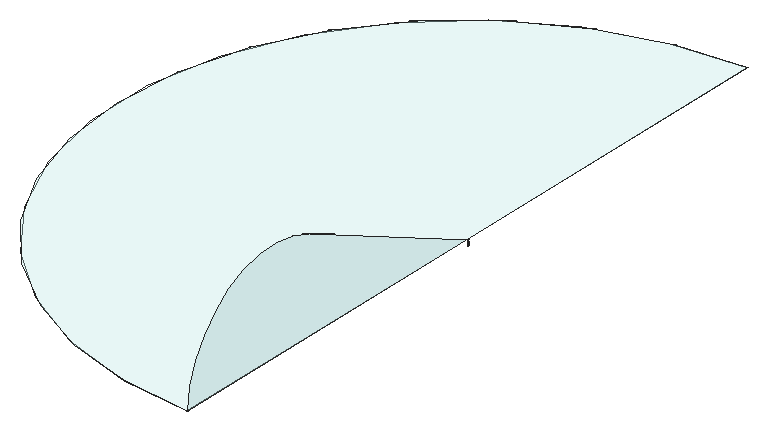
Revit family "Rotor 8005 Series - 8005SS", category Acessórios do tubo, Revit 2020
Family settings
  Cota do conector redondo = Utilizar diâmetro
  Tipo de parte = Normal
  Número OmniClass = 23.60.30.11.14
  Título OmniClass = Pipework Fittings
  Com base no plano de trabalho = Não
  Sempre na vertical = Sim
  Corte com vazios quando carregada = Não
  Compartilhado = Não
Parameters (values of type "Nozzle 20")
  Water = Water
  URL = "https://www.rainbird.com/"
  TABLE 90 = "TABLE 90psi"
  TABLE 80 = "TABLE 80psi"
  TABLE 70 = "TABLE 70psi"
  TABLE 60 = "TABLE 60psi"
  TABLE 50 = "TABLE 50psi"
  TABLE 100 = "TABLE 100psi"
  SupportProjetos: Reviw Date = ""  # constant formula
  SupportProjetos: Reviw = "R00"  # constant formula
  SupportProjetos: Level of Detail = "LOD 300"  # constant formula
  SupportProjetos: Developed = "MICHEL SOARES MOTA"  # constant formula
  SupportProjetos: Creation Date = "12/08/2020"  # constant formula
  Side inlet = no
  Rotation Water Visibility [instance] = Pop up on  # yes
  Rotation Angle [instance] = 180.00°
  RainBird: Product Link = "https://www.rainbird.com/"
  RainBird: Description = "8005-SS Rotor "  # constant formula
  RainBird: Comment [instance] = ""
  RainBird: Code = "B81300"  # constant formula
  Radius [instance] = if(and(Pressure = 50.0 psi, Instance < 13 ft), size_lookup(TABLE 50, "Radius", 0 ft, Instance), if(and(Pressure = 60.0 psi, Instance < 13 ft), size_lookup(TABLE 60, "Radius", 0 ft, Instance), if(and(Pressure = 70.0 psi, Instance < 13 ft), size_lookup(TABLE 70, "Radius", 0 ft, Instance), if(and(Pressure = 80.0 psi, Instance < 13 ft), size_lookup(TABLE 80, "Radius", 0 ft, Instance), if(and(Pressure = 90.0 psi, Instance > 4 ft), size_lookup(TABLE 90, "Radius", 0 ft, Instance), if(and(Pressure = 100.0 psi, Instance > 8 ft), size_lookup(TABLE 100, "Radius", 0 ft, Instance), 600 ft))))))  # 73 ft
  RT = 0.009893 ft
  RN = 0.032808 ft
  R5 = 0.03937 ft
  R4 = 0.04101 ft
  R3 = 0.065617 ft
  R2 = 0.075407 ft
  R1 = 0.032808 ft
  Pressure [instance] = 90.0 psi
  Pop up height = 0.417 ft  # constant formula
  Pop up on [instance] = yes
  Modelo = "8005SS"  # constant formula
  Instance = 9 ft
  H1 = Body height / 3  # 0.240667 ft
  Flow [instance] = if(and(Pressure = 50.0 psi, Instance < 13 ft), size_lookup(TABLE 50, "Flow", 0.0 GPM, Instance), if(and(Pressure = 60.0 psi, Instance < 13 ft), size_lookup(TABLE 60, "Flow", 0.0 GPM, Instance), if(and(Pressure = 70.0 psi, Instance < 13 ft), size_lookup(TABLE 70, "Flow", 0.0 GPM, Instance), if(and(Pressure = 80.0 psi, Instance < 13 ft), size_lookup(TABLE 80, "Flow", 0.0 GPM, Instance), if(and(Pressure = 90.0 psi, Instance > 4 ft), size_lookup(TABLE 90, "Flow", 0.0 GPM, Instance), if(and(Pressure = 100.0 psi, Instance > 8 ft), size_lookup(TABLE 100, "Flow", 0.0 GPM, Instance), 600.0 GPM))))))  # 25.3 GPM
  Fabricante = "Rain Bird"
  Elevação padrão = 0 ft
  Description = RainBird: Description  # "8005-SS Rotor "
  DD13 = 0.002625 ft
  DD12 = 0.003937 ft
  DD11 = 0.009897 ft
  DD10 = 0.016404 ft
  DD8 [instance] = if(Pop up on, Pop up height, 0 ft)  # 0.417 ft
  DD7 = 0.019685 ft
  DD6 [instance] = 0.016404 ft
  DD5 = 0.065617 ft
  DD4 = 0.032808 ft
  DD3 = 0.091048 ft
  DD2 [instance] = 0.024514 ft
  DD9 [instance] = if(Pop up on, Pop up height + 0.049541 ft, 0 ft)  # 0.466541 ft
  DD1 = 0.006562 ft
  Conection = 0.062664 ft  # constant formula
  Body height = 0.722 ft  # constant formula
  Blue = Blue Plastic
  Black Plastic = Black Plastic
  Angle = 25.00°
Types (13, lengths in ft): name | Radius | Pressure | Instance | Flow
  (no name) | 73 | 90.0 psi | 9 | 25.3 GPM
  Nozzle 4 | 39 | 80.0 psi | 1 | 5.0 GPM
  Nozzle 6 | 45 | 80.0 psi | 2 | 7.1 GPM
  Nozzle 8 | 49 | 80.0 psi | 3 | 9.8 GPM
  Nozzle 10 | 55 | 80.0 psi | 4 | 11.8 GPM
  Nozzle 12 | 61 | 80.0 psi | 5 | 14.2 GPM
  Tipo 14 | 63 | 80.0 psi | 6 | 16.4 GPM
  Nozzle 16 | 67 | 80.0 psi | 7 | 18.6 GPM
  Nozzle 18 | 71 | 90.0 psi | 8 | 22.2 GPM
  Nozzle 20 | 73 | 90.0 psi | 9 | 25.3 GPM
  Nozzle 22 | 75 | 90.0 psi | 10 | 29.1 GPM
  Nozzle 24 | 79 | 90.0 psi | 11 | 31.0 GPM
  Nozzle 26 | 79 | 90.0 psi | 12 | 33.7 GPM
Reference planes (ft)
  plane 1 "Centro (Frente/Trás)": y = 0
  plane 2: z = 0
  plane 3 "Centro (Esquerda/Direita)": x = 0
  plane 4: z = 0.003937
  plane 5: z = 0.002625
  plane 6: y = -0.065617
Forms (ft)
  Revolve 1, solid, material "Black Plastic" <- "Black Plastic"
    sketch origin (0, 0, 0) x (1, 0, 0) y (0, 0, 1)
      loop
        line (0.075407, -0.091048) -> (0.075407, -0.035324)
        arc (0.075407, -0.035324) -> (0.072509, -0.028329) -> (0.065514, -0.025431) r 0.009893
        line (0.065514, -0.025431) -> (0.046098, -0.025431) -> (0.046098, 0) -> (0.03937, 0) -> (0.03937, -0.417) -> (0.019685, -0.417) -> (0.019685, -0.715438) -> (0.032808, -0.715438) -> (0.032808, -0.722) -> (0.04101, -0.722) -> (0.04101, -0.715438) -> (0.055724, -0.715438)
        arc (0.055724, -0.715438) -> (0.062719, -0.712541) -> (0.065617, -0.705545) r 0.009893
        line (0.065617, -0.705545) -> (0.065617, -0.091048) -> (0.075407, -0.091048)
      axis (0, -0.722) -> (0, 0)
    angle from 0 to 360
  Extrusion 2, solid, material "Black Plastic" <- "Black Plastic"
    sketch origin (0, 0, 0) x (1, 0, 0) y (0, 1, 0)
      loop
        circle (0, 0) r 0.032808
    from -0.417 to 0.417
  Extrusion 3, void
    sketch origin (0, 0, 0) x (1, 0, 0) y (0, 1, 0)
      loop
        circle (0, 0) r 0.022844
    from -0.417 to 0.417
  Revolve 4, solid, material "Black Plastic" <- "Black Plastic"
    sketch origin (0, 0, 0) x (1, 0, 0) y (0, 0, 1)
      loop
        line (0, 0.417) -> (0.037004, 0.417) -> (0.037004, 0.426897)
        arc (0.037004, 0.426897) -> (0.01879, 0.43179) -> (0, 0.433404) r 0.10685
        line (0, 0.433404) -> (0, 0.417)
      axis (0, 0.417) -> (0, 0.433404)
    angle from 0 to 360
  Extrusion 5, solid, material "Blue Plastic" <- "Blue"
    sketch origin (0, 0, 0) x (1, 0, 0) y (0, 0, 1)
      loop
        circle (0, 0.392486) r 0.009129
      loop
        circle (0, 0.392486) r 0.004793
    from 0 to 0.034386
  Extrusion 6, void
    sketch origin (0, 0, 0) x (1, 0, 0) y (0, 0, 1)
      loop
        line (-0.02074, 0.328055) -> (-0.02074, 0.282426) -> (0.020672, 0.282426) -> (0.020672, 0.328055) -> (-0.02074, 0.328055)
      loop
        line (-0.018439, 0.325179) -> (-0.018439, 0.285685) -> (0.018179, 0.285685) -> (0.018179, 0.325179) -> (-0.018439, 0.325179)
    from 0.024556 to 0.06931
  Extrusion 7, solid, material "Black Plastic" <- "Black Plastic"
    sketch origin (0, 0, 0) x (1, 0, 0) y (0, 0, 1)
      loop
        line (0.046098, 0) -> (0.046098, -0.036876) -> (0.073493, -0.036876) -> (0.046098, 0)
    from -0.002998 to 0.002998
  Extrusion 8, solid, material "Black Plastic" <- "Black Plastic"
    sketch origin (0, 0, 0) x (-1, 0, 0) y (0, 0, -1)
      loop
        line (0.046098, 0) -> (0.073493, 0.036876) -> (0.046098, 0.036876) -> (0.046098, 0)
    from -0.002998 to 0.002998
  Extrusion 9, solid, material "Black Plastic" <- "Black Plastic"
    sketch origin (0, 0, 0) x (0.866025, 0.5, 0) y (0, 0, 1)
      loop
        line (0.046098, 0) -> (0.046098, -0.036876) -> (0.073493, -0.036876) -> (0.046098, 0)
    from -0.002998 to 0.002998
  Extrusion 10, solid, material "Black Plastic" <- "Black Plastic"
    sketch origin (0, 0, 0) x (-0.866025, -0.5, 0) y (0, 0, -1)
      loop
        line (0.046098, 0) -> (0.073493, 0.036876) -> (0.046098, 0.036876) -> (0.046098, 0)
    from -0.002998 to 0.002998
  Extrusion 11, solid, material "Black Plastic" <- "Black Plastic"
    sketch origin (0, 0, 0) x (0, 1, 0) y (0, 0, 1)
      loop
        line (0.046098, 0) -> (0.046098, -0.036876) -> (0.073493, -0.036876) -> (0.046098, 0)
    from -0.002998 to 0.002998
  Extrusion 12, solid, material "Black Plastic" <- "Black Plastic"
    sketch origin (0, 0, 0) x (0, -1, 0) y (0, 0, -1)
      loop
        line (0.046098, 0) -> (0.073493, 0.036876) -> (0.046098, 0.036876) -> (0.046098, 0)
    from -0.002998 to 0.002998
  Extrusion 13, solid, material "Black Plastic" <- "Black Plastic"
    sketch origin (0, 0, 0) x (0.5, 0.866025, 0) y (0, 0, 1)
      loop
        line (0.046098, 0) -> (0.046098, -0.036876) -> (0.073493, -0.036876) -> (0.046098, 0)
    from -0.002998 to 0.002998
  Extrusion 14, solid, material "Black Plastic" <- "Black Plastic"
    sketch origin (0, 0, 0) x (-0.5, -0.866025, 0) y (0, 0, -1)
      loop
        line (0.046098, 0) -> (0.073493, 0.036876) -> (0.046098, 0.036876) -> (0.046098, 0)
    from -0.002998 to 0.002998
  Extrusion 15, solid, material "Black Plastic" <- "Black Plastic"
    sketch origin (0, 0, 0) x (-0.5, 0.866025, 0) y (0, 0, 1)
      loop
        line (0.046098, 0) -> (0.046098, -0.036876) -> (0.073493, -0.036876) -> (0.046098, 0)
    from -0.002998 to 0.002998
  Extrusion 16, solid, material "Black Plastic" <- "Black Plastic"
    sketch origin (0, 0, 0) x (0.5, -0.866025, 0) y (0, 0, -1)
      loop
        line (0.046098, 0) -> (0.073493, 0.036876) -> (0.046098, 0.036876) -> (0.046098, 0)
    from -0.002998 to 0.002998
  Extrusion 17, solid, material "Black Plastic" <- "Black Plastic"
    sketch origin (0, 0, 0) x (-0.866025, 0.5, 0) y (0, 0, 1)
      loop
        line (0.046098, 0) -> (0.046098, -0.036876) -> (0.073493, -0.036876) -> (0.046098, 0)
    from -0.002998 to 0.002998
  Extrusion 18, solid, material "Black Plastic" <- "Black Plastic"
    sketch origin (0, 0, 0) x (0.866025, -0.5, 0) y (0, 0, -1)
      loop
        line (0.046098, 0) -> (0.073493, 0.036876) -> (0.046098, 0.036876) -> (0.046098, 0)
    from -0.002998 to 0.002998
  Extrusion 19, void
    sketch origin (0, 0, 0) x (1, 0, 0) y (0, 1, 0)
      loop
        line (-0.002998, 0.077702) -> (-0.002998, 0.071655) -> (0.002998, 0.071655) -> (0.002998, 0.077702) -> (-0.002998, 0.077702)
    from -0.091048 to 0.82021
  Extrusion 20, void
    sketch origin (0, 0, 0) x (1, 0, 0) y (0, 1, 0)
      loop
        line (0.002998, -0.077702) -> (0.002998, -0.071655) -> (-0.002998, -0.071655) -> (-0.002998, -0.077702) -> (0.002998, -0.077702)
    from -0.091048 to 0.82021
  Extrusion 21, void
    sketch origin (0, 0, 0) x (0.965926, 0.258819, 0) y (-0.258819, 0.965926, 0)
      loop
        line (-0.002998, 0.077702) -> (-0.002998, 0.071655) -> (0.002998, 0.071655) -> (0.002998, 0.077702) -> (-0.002998, 0.077702)
    from -0.091048 to 0.82021
  Extrusion 22, void
    sketch origin (0, 0, 0) x (0.965926, 0.258819, 0) y (-0.258819, 0.965926, 0)
      loop
        line (0.002998, -0.077702) -> (0.002998, -0.071655) -> (-0.002998, -0.071655) -> (-0.002998, -0.077702) -> (0.002998, -0.077702)
    from -0.091048 to 0.82021
  Extrusion 23, void
    sketch origin (0, 0, 0) x (0.866025, 0.5, 0) y (-0.5, 0.866025, 0)
      loop
        line (-0.002998, 0.077702) -> (-0.002998, 0.071655) -> (0.002998, 0.071655) -> (0.002998, 0.077702) -> (-0.002998, 0.077702)
    from -0.091048 to 0.82021
  Extrusion 24, void
    sketch origin (0, 0, 0) x (0.866025, 0.5, 0) y (-0.5, 0.866025, 0)
      loop
        line (0.002998, -0.077702) -> (0.002998, -0.071655) -> (-0.002998, -0.071655) -> (-0.002998, -0.077702) -> (0.002998, -0.077702)
    from -0.091048 to 0.82021
  Extrusion 25, void
    sketch origin (0, 0, 0) x (0.5, 0.866025, 0) y (-0.866025, 0.5, 0)
      loop
        line (-0.002998, 0.077702) -> (-0.002998, 0.071655) -> (0.002998, 0.071655) -> (0.002998, 0.077702) -> (-0.002998, 0.077702)
    from -0.091048 to 0.82021
  Extrusion 26, void
    sketch origin (0, 0, 0) x (0.5, 0.866025, 0) y (-0.866025, 0.5, 0)
      loop
        line (0.002998, -0.077702) -> (0.002998, -0.071655) -> (-0.002998, -0.071655) -> (-0.002998, -0.077702) -> (0.002998, -0.077702)
    from -0.091048 to 0.82021
  Extrusion 27, void
    sketch origin (0, 0, 0) x (0.707107, 0.707107, 0) y (-0.707107, 0.707107, 0)
      loop
        line (-0.002998, 0.077702) -> (-0.002998, 0.071655) -> (0.002998, 0.071655) -> (0.002998, 0.077702) -> (-0.002998, 0.077702)
    from -0.091048 to 0.82021
  Extrusion 28, void
    sketch origin (0, 0, 0) x (0.707107, 0.707107, 0) y (-0.707107, 0.707107, 0)
      loop
        line (0.002998, -0.077702) -> (0.002998, -0.071655) -> (-0.002998, -0.071655) -> (-0.002998, -0.077702) -> (0.002998, -0.077702)
    from -0.091048 to 0.82021
  Extrusion 29, void
    sketch origin (0, 0, 0) x (0.258819, 0.965926, 0) y (-0.965926, 0.258819, 0)
      loop
        line (-0.002998, 0.077702) -> (-0.002998, 0.071655) -> (0.002998, 0.071655) -> (0.002998, 0.077702) -> (-0.002998, 0.077702)
    from -0.091048 to 0.82021
  Extrusion 30, void
    sketch origin (0, 0, 0) x (0.258819, 0.965926, 0) y (-0.965926, 0.258819, 0)
      loop
        line (0.002998, -0.077702) -> (0.002998, -0.071655) -> (-0.002998, -0.071655) -> (-0.002998, -0.077702) -> (0.002998, -0.077702)
    from -0.091048 to 0.82021
  Extrusion 31, void
    sketch origin (0, 0, 0) x (0, 1, 0) y (-1, 0, 0)
      loop
        line (-0.002998, 0.077702) -> (-0.002998, 0.071655) -> (0.002998, 0.071655) -> (0.002998, 0.077702) -> (-0.002998, 0.077702)
    from -0.091048 to 0.82021
  Extrusion 32, void
    sketch origin (0, 0, 0) x (0, 1, 0) y (-1, 0, 0)
      loop
        line (0.002998, -0.077702) -> (0.002998, -0.071655) -> (-0.002998, -0.071655) -> (-0.002998, -0.077702) -> (0.002998, -0.077702)
    from -0.091048 to 0.82021
  Extrusion 33, void
    sketch origin (0, 0, 0) x (-0.258819, 0.965926, 0) y (-0.965926, -0.258819, 0)
      loop
        line (-0.002998, 0.077702) -> (-0.002998, 0.071655) -> (0.002998, 0.071655) -> (0.002998, 0.077702) -> (-0.002998, 0.077702)
    from -0.091048 to 0.82021
  Extrusion 34, void
    sketch origin (0, 0, 0) x (-0.258819, 0.965926, 0) y (-0.965926, -0.258819, 0)
      loop
        line (0.002998, -0.077702) -> (0.002998, -0.071655) -> (-0.002998, -0.071655) -> (-0.002998, -0.077702) -> (0.002998, -0.077702)
    from -0.091048 to 0.82021
  Extrusion 35, void
    sketch origin (0, 0, 0) x (-0.5, 0.866025, 0) y (-0.866025, -0.5, 0)
      loop
        line (-0.002998, 0.077702) -> (-0.002998, 0.071655) -> (0.002998, 0.071655) -> (0.002998, 0.077702) -> (-0.002998, 0.077702)
    from -0.091048 to 0.82021
  Extrusion 36, void
    sketch origin (0, 0, 0) x (-0.5, 0.866025, 0) y (-0.866025, -0.5, 0)
      loop
        line (0.002998, -0.077702) -> (0.002998, -0.071655) -> (-0.002998, -0.071655) -> (-0.002998, -0.077702) -> (0.002998, -0.077702)
    from -0.091048 to 0.82021
  Extrusion 37, void
    sketch origin (0, 0, 0) x (-0.707107, 0.707107, 0) y (-0.707107, -0.707107, 0)
      loop
        line (-0.002998, 0.077702) -> (-0.002998, 0.071655) -> (0.002998, 0.071655) -> (0.002998, 0.077702) -> (-0.002998, 0.077702)
    from -0.091048 to 0.82021
  Extrusion 38, void
    sketch origin (0, 0, 0) x (-0.707107, 0.707107, 0) y (-0.707107, -0.707107, 0)
      loop
        line (0.002998, -0.077702) -> (0.002998, -0.071655) -> (-0.002998, -0.071655) -> (-0.002998, -0.077702) -> (0.002998, -0.077702)
    from -0.091048 to 0.82021
  Extrusion 39, void
    sketch origin (0, 0, 0) x (-0.866025, 0.5, 0) y (-0.5, -0.866025, 0)
      loop
        line (-0.002998, 0.077702) -> (-0.002998, 0.071655) -> (0.002998, 0.071655) -> (0.002998, 0.077702) -> (-0.002998, 0.077702)
    from -0.091048 to 0.82021
  Extrusion 40, void
    sketch origin (0, 0, 0) x (-0.866025, 0.5, 0) y (-0.5, -0.866025, 0)
      loop
        line (0.002998, -0.077702) -> (0.002998, -0.071655) -> (-0.002998, -0.071655) -> (-0.002998, -0.077702) -> (0.002998, -0.077702)
    from -0.091048 to 0.82021
  Extrusion 41, void
    sketch origin (0, 0, 0) x (-0.965926, 0.258819, 0) y (-0.258819, -0.965926, 0)
      loop
        line (-0.002998, 0.077702) -> (-0.002998, 0.071655) -> (0.002998, 0.071655) -> (0.002998, 0.077702) -> (-0.002998, 0.077702)
    from -0.091048 to 0.82021
  Extrusion 42, void
    sketch origin (0, 0, 0) x (-0.965926, 0.258819, 0) y (-0.258819, -0.965926, 0)
      loop
        line (0.002998, -0.077702) -> (0.002998, -0.071655) -> (-0.002998, -0.071655) -> (-0.002998, -0.077702) -> (0.002998, -0.077702)
    from -0.091048 to 0.82021
  Extrusion 43, solid, material "Water" <- "Water", visible <- "Rotation Water Visibility"
    sketch origin (0, 0, 0) x (0, 1, 0) y (0, 0, 1)
      loop
        line (-0.032808, 0.392486) -> (-41.314762, 19.642577)
        arc (-41.314762, 19.642577) -> (-62.318922, 18.495086) -> (-73.032808, 0.392486) r 22.310372
        line (-73.032808, 0.392486) -> (-0.032808, 0.392486)
    from -0.008202 to 0.008202
Cuts and joins
  Extrusion 3, Extrusion 6 cuts Extrusion 2
  Extrusion 19, Extrusion 20, Extrusion 21, Extrusion 22, Extrusion 23, Extrusion 24, Extrusion 25, Extrusion 26, Extrusion 27, Extrusion 28, Extrusion 29, Extrusion 30, Extrusion 31, Extrusion 32, Extrusion 33, Extrusion 34, Extrusion 35, Extrusion 36, Extrusion 37, Extrusion 38, Extrusion 39, Extrusion 40, Extrusion 41, Extrusion 42 cuts Revolve 1
Dimensions and locks (ft)
  "Body height": level to Revolve 1 sketch curve
  "R2": Revolve 1 sketch curve to plane 3 "Centro (Esquerda/Direita)"
  "DD1": Revolve 1 sketch curve to Revolve 1 sketch curve
  "DD3": level to Revolve 1 sketch curve
  Revolve 1 sketch curve to plane 3 "Centro (Esquerda/Direita)" = 0.065617 ft
  "R4": Revolve 1 sketch curve to plane 3 "Centro (Esquerda/Direita)"
  "RN": Revolve 1 sketch curve to plane 3 "Centro (Esquerda/Direita)"
  "Pop up height": level to Revolve 1 sketch curve
  "R5": plane 3 "Centro (Esquerda/Direita)" to Revolve 1 sketch curve
  "DD7": Revolve 1 sketch curve to plane 3 "Centro (Esquerda/Direita)"
  "DD8": Extrusion 2 to level
  "DD12": plane 4 to level
  "DD13": plane 5 to level
  "R3": plane 6 to plane 1 "Centro (Frente/Trás)"
  "DD5": Revolve 1 sketch curve to Revolve 1 sketch curve
  "DD10": Revolve 4 sketch curve to Revolve 4 sketch curve
  "DD11": Revolve 4 sketch curve to Revolve 4 sketch curve
  "DD2": Revolve 4 to Extrusion 5 sketch curve  (x2)
  Extrusion 7 to plane 3 "Centro (Esquerda/Direita)" = 0.046098 ft
  equal spacing: Extrusion 7, plane 1 "Centro (Frente/Trás)", Extrusion 7
  Extrusion 8 to Extrusion 8 = 0.005995 ft
  Extrusion 9 to Extrusion 9 = 0.005995 ft
  Extrusion 20 sketch curve to Extrusion 20 sketch curve = 0.005995 ft
  Extrusion 22 sketch curve to Extrusion 22 sketch curve = 0.005995 ft
  Extrusion 24 sketch curve to Extrusion 24 sketch curve = 0.005995 ft
  Extrusion 26 sketch curve to Extrusion 26 sketch curve = 0.005995 ft
  Extrusion 28 sketch curve to Extrusion 28 sketch curve = 0.005995 ft
  Extrusion 30 sketch curve to Extrusion 30 sketch curve = 0.005995 ft
  Extrusion 32 sketch curve to Extrusion 32 sketch curve = 0.005995 ft
  Extrusion 34 sketch curve to Extrusion 34 sketch curve = 0.005995 ft
  Extrusion 36 sketch curve to Extrusion 36 sketch curve = 0.005995 ft
  Extrusion 38 sketch curve to Extrusion 38 sketch curve = 0.005995 ft
  Extrusion 40 sketch curve to Extrusion 40 sketch curve = 0.005995 ft
  Extrusion 42 sketch curve to Extrusion 42 sketch curve = 0.005995 ft
  "DD4": plane 1 "Centro (Frente/Trás)" to Extrusion 43 sketch curve
  "DD2": Revolve 4 to Extrusion 43 sketch curve
  "Radius": Extrusion 43 sketch curve to Extrusion 43 sketch curve
  equal spacing: Extrusion 43, plane 3 "Centro (Esquerda/Direita)", Extrusion 43
  "DD6": Extrusion 43 to Extrusion 43
  "DD2": Revolve 4 to nested 1
  "RT": radius of Revolve 1 sketch curve  (x2)
  "R1": radius of Extrusion 2 sketch curve
  "Angle": angle Extrusion 43 sketch curve to Extrusion 43 sketch curve
  aligned and locked: level to plane 2
  aligned and locked: Revolve 1 sketch curve to Revolve 1 sketch curve
  aligned and locked: Extrusion 2 to Revolve 1
  aligned and locked: cut or joined group of Extrusion 2, Extrusion 3, Extrusion 6 to cut or joined group of Extrusion 2, Extrusion 3, Extrusion 6  (x2)
  aligned and locked: Revolve 4 sketch curve to cut or joined group of Extrusion 2, Extrusion 3, Extrusion 6
  aligned and locked: Extrusion 20 to Revolve 1
  aligned and locked: Extrusion 22 to Revolve 1
  aligned and locked: Extrusion 24 to Revolve 1
  aligned and locked: Extrusion 28 to Revolve 1
  aligned and locked: Extrusion 26 to Revolve 1
  aligned and locked: Extrusion 30 to Revolve 1
  aligned and locked: Extrusion 32 to Revolve 1
  aligned and locked: Extrusion 34 to Revolve 1
  aligned and locked: Revolve 1 to Extrusion 36
  aligned and locked: Revolve 1 to Extrusion 38
  aligned and locked: Extrusion 41 to Revolve 1
  aligned and locked: Extrusion 39 to Revolve 1
  aligned and locked: Extrusion 37 to Revolve 1
  aligned and locked: Extrusion 35 to Revolve 1
  aligned and locked: Extrusion 33 to Revolve 1
  aligned and locked: Extrusion 31 to Revolve 1
  aligned and locked: Extrusion 29 to Revolve 1
  aligned and locked: Revolve 1 to Extrusion 25
  aligned and locked: Revolve 1 to Extrusion 27
  aligned and locked: Revolve 1 to Extrusion 19
  aligned and locked: Revolve 1 to Extrusion 21
  aligned and locked: Revolve 1 to Extrusion 42
  aligned and locked: Revolve 1 to Extrusion 40
  aligned and locked: Revolve 1 to Extrusion 23
Automatic sketch dimensions
  plane 1 "Centro (Frente/Trás)" to Extrusion 2 sketch curve = 0 ft
  Extrusion 2 sketch curve to plane 3 "Centro (Esquerda/Direita)" = 0 ft
  plane 1 "Centro (Frente/Trás)" to Extrusion 3 sketch curve = 0 ft
  Extrusion 3 sketch curve to plane 3 "Centro (Esquerda/Direita)" = 0 ft
  Revolve 4 sketch curve to plane 3 "Centro (Esquerda/Direita)" = 0 ft  (x2)
  plane 3 "Centro (Esquerda/Direita)" to Revolve 4 sketch curve = 0.000284 ft
  plane 3 "Centro (Esquerda/Direita)" to Revolve 4 sketch curve = 0.037004 ft
  Revolve 4 sketch curve to Revolve 4 sketch curve = 0.015719 ft
  Revolve 4 sketch curve to Revolve 4 sketch curve = 0.114829 ft
  Extrusion 5 sketch curve to Extrusion 5 sketch curve = 0 ft
  Extrusion 5 sketch curve to plane 3 "Centro (Esquerda/Direita)" = 0 ft
  Extrusion 6 sketch curve to plane 3 "Centro (Esquerda/Direita)" = 0.02074 ft
  Extrusion 6 sketch curve to Extrusion 6 sketch curve = 0.002301 ft
  plane 3 "Centro (Esquerda/Direita)" to Extrusion 6 sketch curve = 0.018179 ft
  Extrusion 6 sketch curve to Extrusion 6 sketch curve = 0.002492 ft
  plane 4 to Extrusion 6 sketch curve = 0.278489 ft
  Extrusion 6 sketch curve to Extrusion 6 sketch curve = 0.003259 ft
  Extrusion 6 sketch curve to Extrusion 6 sketch curve = 0.039494 ft
  Extrusion 6 sketch curve to Extrusion 6 sketch curve = 0.002876 ft
  Extrusion 7 sketch curve to level = 0 ft
  plane 3 "Centro (Esquerda/Direita)" to Extrusion 7 sketch curve = 0.046098 ft
  Extrusion 7 sketch curve to Extrusion 7 sketch curve = 0.027396 ft
  Extrusion 7 sketch curve to Extrusion 7 sketch curve = 0.036876 ft
  Extrusion 8 sketch curve to level = 0 ft
  plane 3 "Centro (Esquerda/Direita)" to Extrusion 8 sketch curve = 0.046098 ft
  Extrusion 8 sketch curve to Extrusion 8 sketch curve = 0.027396 ft
  Extrusion 8 sketch curve to Extrusion 8 sketch curve = 0.036876 ft
  Extrusion 9 sketch curve to level = 0 ft
  Extrusion 9 sketch curve to level = 0.036876 ft
  Extrusion 9 sketch curve to Extrusion 9 sketch curve = 0.027396 ft
  Extrusion 10 sketch curve to level = 0 ft
  Extrusion 10 sketch curve to level = 0.036876 ft
  Extrusion 10 sketch curve to Extrusion 10 sketch curve = 0.027396 ft
  Extrusion 11 sketch curve to level = 0 ft
  Extrusion 11 sketch curve to plane 1 "Centro (Frente/Trás)" = 0.046098 ft
  Extrusion 11 sketch curve to Extrusion 11 sketch curve = 0.027396 ft
  Extrusion 11 sketch curve to Extrusion 11 sketch curve = 0.036876 ft
  Extrusion 12 sketch curve to level = 0 ft
  plane 6 to Extrusion 12 sketch curve = 0.019519 ft
  Extrusion 12 sketch curve to plane 6 = 0.007877 ft
  Extrusion 12 sketch curve to level = 0.036876 ft
  Extrusion 13 sketch curve to level = 0 ft
  Extrusion 13 sketch curve to level = 0.036876 ft
  Extrusion 13 sketch curve to Extrusion 13 sketch curve = 0.027396 ft
  Extrusion 14 sketch curve to level = 0 ft
  Extrusion 14 sketch curve to level = 0.036876 ft
  Extrusion 14 sketch curve to Extrusion 14 sketch curve = 0.027396 ft
  level to Extrusion 15 sketch curve = 0 ft
  Extrusion 15 sketch curve to level = 0.036876 ft
  Extrusion 15 sketch curve to Extrusion 15 sketch curve = 0.027396 ft
  level to Extrusion 16 sketch curve = 0 ft
  Extrusion 16 sketch curve to level = 0.036876 ft
  Extrusion 16 sketch curve to Extrusion 16 sketch curve = 0.027396 ft
  level to Extrusion 17 sketch curve = 0 ft
  Extrusion 17 sketch curve to level = 0.036876 ft
  Extrusion 17 sketch curve to Extrusion 17 sketch curve = 0.027396 ft
  level to Extrusion 18 sketch curve = 0 ft
  Extrusion 18 sketch curve to level = 0.036876 ft
  Extrusion 18 sketch curve to Extrusion 18 sketch curve = 0.027396 ft
  Extrusion 19 sketch curve to plane 3 "Centro (Esquerda/Direita)" = 0.002998 ft
  Extrusion 19 sketch curve to plane 1 "Centro (Frente/Trás)" = 0.071655 ft
  Extrusion 19 sketch curve to Extrusion 19 sketch curve = 0.006047 ft
  plane 3 "Centro (Esquerda/Direita)" to Extrusion 20 sketch curve = 0.002998 ft
  plane 6 to Extrusion 20 sketch curve = 0.006038 ft
  Extrusion 20 sketch curve to Extrusion 20 sketch curve = 0.006047 ft
  plane 3 "Centro (Esquerda/Direita)" to Extrusion 19 sketch curve = 0.002998 ft
  Extrusion 21 sketch curve to plane 3 "Centro (Esquerda/Direita)" = 0.021441 ft
  Extrusion 21 sketch curve to plane 1 "Centro (Frente/Trás)" = 0.068438 ft
  Extrusion 21 sketch curve to Extrusion 21 sketch curve = 0.005995 ft
  Extrusion 21 sketch curve to Extrusion 21 sketch curve = 0.006047 ft
  Extrusion 22 sketch curve to plane 6 = 0.010213 ft
  plane 3 "Centro (Esquerda/Direita)" to Extrusion 22 sketch curve = 0.017215 ft
  Extrusion 22 sketch curve to Extrusion 22 sketch curve = 0.006047 ft
  Extrusion 23 sketch curve to plane 3 "Centro (Esquerda/Direita)" = 0.038424 ft
  Extrusion 23 sketch curve to plane 1 "Centro (Frente/Trás)" = 0.060556 ft
  Extrusion 23 sketch curve to Extrusion 23 sketch curve = 0.005995 ft
  Extrusion 23 sketch curve to Extrusion 23 sketch curve = 0.006047 ft
  Extrusion 24 sketch curve to plane 6 = 0.003174 ft
  plane 3 "Centro (Esquerda/Direita)" to Extrusion 24 sketch curve = 0.036255 ft
  Extrusion 24 sketch curve to Extrusion 24 sketch curve = 0.006047 ft
  Extrusion 25 sketch curve to plane 1 "Centro (Frente/Trás)" = 0.033231 ft
  Extrusion 25 sketch curve to plane 3 "Centro (Esquerda/Direita)" = 0.063554 ft
  Extrusion 25 sketch curve to Extrusion 25 sketch curve = 0.005995 ft
  Extrusion 25 sketch curve to Extrusion 25 sketch curve = 0.006047 ft
  Extrusion 26 sketch curve to plane 6 = 0.02417 ft
  Extrusion 26 sketch curve to plane 3 "Centro (Esquerda/Direita)" = 0.065793 ft
  Extrusion 26 sketch curve to Extrusion 26 sketch curve = 0.006047 ft
  Extrusion 27 sketch curve to plane 1 "Centro (Frente/Trás)" = 0.048548 ft
  Extrusion 27 sketch curve to plane 3 "Centro (Esquerda/Direita)" = 0.052787 ft
  Extrusion 27 sketch curve to Extrusion 27 sketch curve = 0.005995 ft
  Extrusion 27 sketch curve to Extrusion 27 sketch curve = 0.006047 ft
  plane 6 to Extrusion 28 sketch curve = 0.008554 ft
  plane 3 "Centro (Esquerda/Direita)" to Extrusion 28 sketch curve = 0.052824 ft
  Extrusion 28 sketch curve to Extrusion 28 sketch curve = 0.006047 ft
  Extrusion 29 sketch curve to plane 1 "Centro (Frente/Trás)" = 0.01565 ft
  Extrusion 29 sketch curve to plane 3 "Centro (Esquerda/Direita)" = 0.069989 ft
  Extrusion 29 sketch curve to Extrusion 29 sketch curve = 0.005995 ft
  Extrusion 29 sketch curve to Extrusion 29 sketch curve = 0.006047 ft
  plane 1 "Centro (Frente/Trás)" to Extrusion 30 sketch curve = 0.023006 ft
  plane 3 "Centro (Esquerda/Direita)" to Extrusion 30 sketch curve = 0.074278 ft
  Extrusion 30 sketch curve to Extrusion 30 sketch curve = 0.006047 ft
  plane 1 "Centro (Frente/Trás)" to Extrusion 31 sketch curve = 0.002998 ft
  Extrusion 31 sketch curve to plane 1 "Centro (Frente/Trás)" = 0.002998 ft
  Extrusion 31 sketch curve to plane 3 "Centro (Esquerda/Direita)" = 0.071655 ft
  Extrusion 31 sketch curve to Extrusion 31 sketch curve = 0.006047 ft
  plane 1 "Centro (Frente/Trás)" to Extrusion 32 sketch curve = 0.002998 ft
  plane 3 "Centro (Esquerda/Direita)" to Extrusion 32 sketch curve = 0.077702 ft
  Extrusion 32 sketch curve to Extrusion 32 sketch curve = 0.006047 ft
  plane 1 "Centro (Frente/Trás)" to Extrusion 33 sketch curve = 0.021441 ft
  Extrusion 33 sketch curve to plane 3 "Centro (Esquerda/Direita)" = 0.068438 ft
  Extrusion 33 sketch curve to Extrusion 33 sketch curve = 0.005995 ft
  Extrusion 33 sketch curve to Extrusion 33 sketch curve = 0.006047 ft
  Extrusion 34 sketch curve to plane 1 "Centro (Frente/Trás)" = 0.017215 ft
  plane 3 "Centro (Esquerda/Direita)" to Extrusion 34 sketch curve = 0.07583 ft
  Extrusion 34 sketch curve to Extrusion 34 sketch curve = 0.006047 ft
  plane 6 to Extrusion 35 sketch curve = 0.027193 ft
  Extrusion 35 sketch curve to plane 3 "Centro (Esquerda/Direita)" = 0.060556 ft
  Extrusion 35 sketch curve to Extrusion 35 sketch curve = 0.005995 ft
  Extrusion 35 sketch curve to Extrusion 35 sketch curve = 0.006047 ft
  Extrusion 36 sketch curve to plane 1 "Centro (Frente/Trás)" = 0.036255 ft
  plane 3 "Centro (Esquerda/Direita)" to Extrusion 36 sketch curve = 0.068791 ft
  Extrusion 36 sketch curve to Extrusion 36 sketch curve = 0.006047 ft
  plane 6 to Extrusion 37 sketch curve = 0.012829 ft
  Extrusion 37 sketch curve to plane 3 "Centro (Esquerda/Direita)" = 0.048548 ft
  Extrusion 37 sketch curve to Extrusion 37 sketch curve = 0.005995 ft
  Extrusion 37 sketch curve to Extrusion 37 sketch curve = 0.006047 ft
  Extrusion 38 sketch curve to plane 1 "Centro (Frente/Trás)" = 0.052824 ft
  plane 3 "Centro (Esquerda/Direita)" to Extrusion 38 sketch curve = 0.057063 ft
  Extrusion 38 sketch curve to Extrusion 38 sketch curve = 0.006047 ft
  plane 6 to Extrusion 39 sketch curve = 0.002063 ft
  Extrusion 39 sketch curve to plane 3 "Centro (Esquerda/Direita)" = 0.033231 ft
  Extrusion 39 sketch curve to Extrusion 39 sketch curve = 0.005995 ft
  Extrusion 39 sketch curve to Extrusion 39 sketch curve = 0.006047 ft
  plane 3 "Centro (Esquerda/Direita)" to Extrusion 40 sketch curve = 0.041447 ft
  Extrusion 40 sketch curve to plane 1 "Centro (Frente/Trás)" = 0.065793 ft
  Extrusion 40 sketch curve to Extrusion 40 sketch curve = 0.006047 ft
  Extrusion 41 sketch curve to plane 6 = 0.004372 ft
  Extrusion 41 sketch curve to plane 3 "Centro (Esquerda/Direita)" = 0.01565 ft
  Extrusion 41 sketch curve to Extrusion 41 sketch curve = 0.005995 ft
  Extrusion 41 sketch curve to Extrusion 41 sketch curve = 0.006047 ft
  plane 3 "Centro (Esquerda/Direita)" to Extrusion 42 sketch curve = 0.023006 ft
  Extrusion 42 sketch curve to plane 1 "Centro (Frente/Trás)" = 0.074278 ft
  Extrusion 42 sketch curve to Extrusion 42 sketch curve = 0.006047 ft
  Revolve 1 sketch curve to plane 3 "Centro (Esquerda/Direita)" = 0 ft
  Revolve 1 sketch curve to level = 0 ft
  Revolve 1 sketch curve to Revolve 1 sketch curve = 0.019416 ft
  plane 4 to Revolve 1 sketch curve = 0.079347 ft
  Revolve 1 sketch curve to Revolve 1 sketch curve = 0.918635 ft
  Extrusion 43 sketch curve to level = 0.577487 ft
  radius of Extrusion 3 sketch curve = 0.022844 ft
  radius of Extrusion 5 sketch curve = 0.009129 ft
  radius of Extrusion 5 sketch curve = 0.004793 ft
Nested families (ft)
  nested 1: "Water" at (-0.000155, 0, 0.273228) x (0, -1, 0) z (0, 0, 1), DT9 <- "DD4", Radius <- "Radius", visible <- "Rotation Water Visibility", Rotation Angle <- "Rotation Angle", type "Water"
    with Rotation Angle 180.00°, Radius 73 ft, DT9 0.032808 ft, DT8 0 ft, DT7 292 ft, DT4 365 ft, Angle 2 180.00°
Connectors (ft)
  piping at (0, 0, -0.722), diameter 2
    settings: on cut or joined group of Revolve 1, Extrusion 19, Extrusion 20, Extrusion 21, Extrusion 22, Extrusion 23, Extrusion 24, Extrusion 25, Extrusion 26, Extrusion 27, Extrusion 28, Extrusion 29, Extrusion 30, Extrusion 31, Extrusion 32, Extrusion 33, Extrusion 34, Extrusion 35, Extrusion 36, Extrusion 37, Extrusion 38, Extrusion 39, Extrusion 40, Extrusion 41, Extrusion 42, index 1, connector inside diameter 609.6 mm, connector length 0 ft, flow factor 0, pipe flow 0.0 GPM, pressure drop 0.0 psi, fitting loss kfactor 0, connector angle 0.00°, fixture units 0, engagement length 0 ft, angle of deflection 0.00°, flow configuration 0, flow direction 0, fitting loss method 0, system type 28, joint type 0, gender type 0, connector reference index -1, connector utility 0, adjustable connector no, is connector primary yes, connector description ""
Definition of nested family "Water"
  Parameters (values of type "Water")
    Water Visibility (Circle) = yes
    Water = none
    URL = ""
    SupportProjetos: Reviw Date = ""  # constant formula
    SupportProjetos: Level of Detail = "LOD 300"  # constant formula
    SupportProjetos: Developed = "MICHEL SOARES MOTA"  # constant formula
    SupportProjetos: Creation Date = "16/07/2020"  # constant formula
    Rotation Angle [instance] = 90.00°
    Reviw = "R00"  # constant formula
    Radius [instance] = 14 ft
    Model = ""
    Default Elevation = 4 ft
    Description = ""
    DT9 [instance] = 0.032808 ft
    DT8 [instance] = if(Rotation Angle = 360.00°, 10 ft, 0 ft)  # 0 ft
    DT7 [instance] = 4 * Radius  # 56 ft
    DT4 [instance] = 5 * Radius  # 70 ft
    DT2 = 0.098425 ft  # constant formula
    DT6 = 0 ft
    Angle 2 [instance] = if(Rotation Angle = 360.00°, 180.00°, 360.00° - Rotation Angle)  # 270.00°
  Reference planes (ft)
    plane 1 "Centro (Frente/Trás)": y = 0
    plane 2: z = 0
    plane 3 "Centro (Esquerda/Direita)": x = 0
  Forms (ft)
    Revolve 1, solid, material <- "Water", visible <- "Water Visibility (Circle)"
      sketch origin (0, 0, 0) x (1, 0, 0) y (0, 0, 1)
        loop
          line (0.032808, 0.098425) -> (14.032808, 0.098425) -> (14.032808, 0.119259) -> (0.032808, 0.119259) -> (0.032808, 0.098425)
        axis (0, 0.098425) -> (0, 0.119259)
      angle from 0 to 360
    Extrusion 2, void
      sketch origin (0, 0, 0) x (1, 0, 0) y (0, 1, 0)
        loop
          line (0, 0) -> (70, 0) -> (70, 56)
          arc (70, 56) -> (-70.459018, 51.588344) -> (0, -70) r 81.847109
          line (0, -70) -> (0, 0)
      from 0 to 15.189231
  Cuts and joins
    Extrusion 2 cuts Revolve 1
  Dimensions and locks (ft)
    "DT2": Revolve 1 sketch curve to level
    "DT4": Extrusion 2 sketch curve to Extrusion 2 sketch curve  (x2)
    "DT6": Extrusion 2 sketch curve to plane 3 "Centro (Esquerda/Direita)"
    "DT7": Extrusion 2 sketch curve to Extrusion 2 sketch curve
    "DT8": cut or joined group of Revolve 1, Extrusion 2 to level
    "Radius": Revolve 1 sketch curve to Revolve 1 sketch curve
    "DT9": Revolve 1 sketch curve to plane 3 "Centro (Esquerda/Direita)"
    "Angle 2": angle Extrusion 2 sketch curve to Extrusion 2 sketch curve
    aligned and locked: level to plane 2
    aligned and locked: plane 1 "Centro (Frente/Trás)" to Extrusion 2 sketch curve
  Automatic sketch dimensions
    plane 3 "Centro (Esquerda/Direita)" to Extrusion 2 sketch curve = 1.088227 ft
    Revolve 1 sketch curve to plane 3 "Centro (Esquerda/Direita)" = 0 ft
    Revolve 1 sketch curve to Revolve 1 sketch curve = 0.020833 ft
    Revolve 1 sketch curve to Revolve 1 sketch curve = 0.032113 ft
    Revolve 1 sketch curve to Revolve 1 sketch curve = 10.2693 ft
